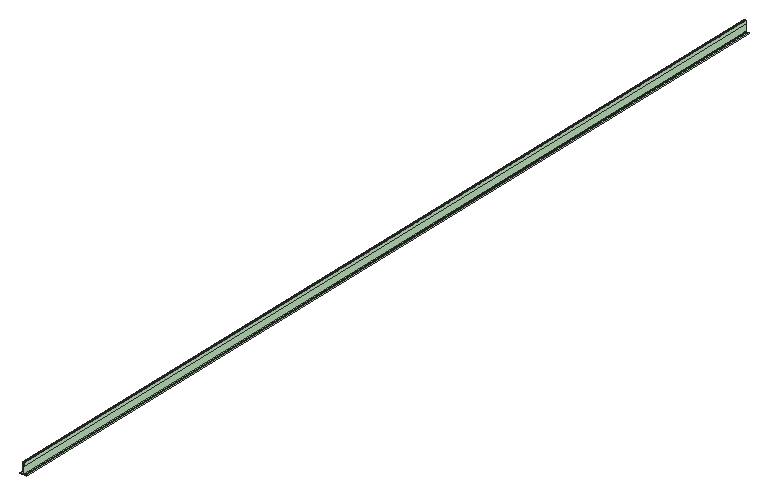
Revit family "アルミTバーeAT4025", category 機械設備, Revit 2020
Family settings
  丸型コネクタ寸法 = 直径を使用
  種別 = なし
  パーツ タイプ = 標準
  作業面ベース = いいえ
  常に垂直 = はい
  ロード時にボイドで切り取り = いいえ
  共有 = いいえ
  部屋計算ポイント = いいえ
Parameters
  製造元 = "株式会社桐井製作所"
  既定の高さ = 0 mm
  URL = "https://www.kirii.co.jp/"
  K_長さ(mm) [instance] = 3600 mm
  K_品名 = "アルミTバーeAT4025"
  K_名称 = "アルミTバー"
  K_入数 = "20"
  K_備考 = "定尺L=3200 、L=3600"
  K_バージョン情報 = "20220915"
Reference planes
  plane 1 "中心(正面/背面)": y = 0
  plane 2: z = 0
  plane 3 "中心(左/右)": x = 0
  plane 4: y = 3600
Forms (mm)
  Extrusion 1, solid
    sketch origin (0, 0, 7.1) x (-1, 0, 0) y (0, 0, 1)
      loop
        line (0.65, 26.1) -> (1.707, 26.1) -> (2.4, 25.7) -> (2.4, 24.9) -> (3.5, 24.9) -> (3.5, 34.9) -> (1.655, 34.9) -> (1.008, 34.43) -> (1.346, 33.705) -> (1.008, 32.98) -> (1.346, 32.255) -> (1.008, 31.53) -> (1.346, 30.805) -> (1.008, 30.08) -> (1.4, 29.4) -> (2.2, 29.4) -> (2.2, 28.6) -> (1, 27.4) -> (-1, 27.4) -> (-2.2, 28.6) -> (-2.2, 29.9) -> (-1.4, 29.9) -> (-0.834, 30.466) -> (-1.172, 31.191) -> (-0.834, 31.916) -> (-1.172, 32.641) -> (-0.834, 33.366) -> (-1.308, 34.017) -> (-0.839, 34.662) -> (-1.655, 34.9) -> (-3.5, 34.9) -> (-3.5, 24.9) -> (-2.4, 24.9) -> (-2.4, 25.7) -> (-1.707, 26.1) -> (-0.65, 26.1) -> (-0.65, -5.9) -> (-2.4, -5.9) -> (-2.4, -5.1) -> (-3.5, -5.1) -> (-3.5, -5.9) -> (-8.5, -5.9) -> (-8.5, -5.1) -> (-12.5, -5.1) -> (-12.5, -7.1) -> (12.5, -7.1) -> (12.5, -5.1) -> (8.5, -5.1) -> (8.5, -5.9) -> (3.5, -5.9) -> (3.5, -5.1) -> (2.4, -5.1) -> (2.4, -5.9) -> (0.65, -5.9) -> (0.65, 26.1)
    from 0 to 3600
Dimensions and locks
  plane 4 to plane 1 "中心(正面/背面)" = 3600 mm
  "K_長さ(mm)": plane 4 to plane 1 "中心(正面/背面)"
  aligned and locked: level to plane 2
  aligned and locked: plane 4 to Extrusion 1
  aligned and locked: Extrusion 1 to plane 4  (x2)
Automatic sketch dimensions
  Extrusion 1 sketch curve to level = 0 mm
  plane 3 "中心(左/右)" to Extrusion 1 sketch curve = 12.5 mm
  level to Extrusion 1 sketch curve = 1.2 mm  (x2)
  Extrusion 1 sketch curve to Extrusion 1 sketch curve = 4 mm  (x2)
  plane 3 "中心(左/右)" to Extrusion 1 sketch curve = 3.5 mm  (x2)
  Extrusion 1 sketch curve to Extrusion 1 sketch curve = 1.1 mm  (x3)
  plane 3 "中心(左/右)" to Extrusion 1 sketch curve = 2.2 mm
  Extrusion 1 sketch curve to Extrusion 1 sketch curve = 0.693 mm  (x2)
  plane 3 "中心(左/右)" to Extrusion 1 sketch curve = 1.655 mm
  Extrusion 1 sketch curve to Extrusion 1 sketch curve = 0.8 mm  (x7)
  Extrusion 1 sketch curve to Extrusion 1 sketch curve = 0.347 mm
  plane 3 "中心(左/右)" to Extrusion 1 sketch curve = 1.172 mm  (x2)
  plane 3 "中心(左/右)" to Extrusion 1 sketch curve = 1 mm
  Extrusion 1 sketch curve to Extrusion 1 sketch curve = 0.469 mm
  Extrusion 1 sketch curve to Extrusion 1 sketch curve = 0.338 mm  (x5)
  Extrusion 1 sketch curve to Extrusion 1 sketch curve = 0.566 mm  (x2)
  plane 3 "中心(左/右)" to Extrusion 1 sketch curve = 0.65 mm
  Extrusion 1 sketch curve to plane 3 "中心(左/右)" = 0.65 mm
  Extrusion 1 sketch curve to plane 3 "中心(左/右)" = 1 mm
  Extrusion 1 sketch curve to plane 3 "中心(左/右)" = 1.008 mm  (x4)
  Extrusion 1 sketch curve to Extrusion 1 sketch curve = 0.392 mm
  Extrusion 1 sketch curve to Extrusion 1 sketch curve = 0.647 mm
  Extrusion 1 sketch curve to Extrusion 1 sketch curve = 1.057 mm
  Extrusion 1 sketch curve to Extrusion 1 sketch curve = 1.75 mm
  Extrusion 1 sketch curve to Extrusion 1 sketch curve = 1.845 mm
  Extrusion 1 sketch curve to Extrusion 1 sketch curve = 5 mm
  Extrusion 1 sketch curve to Extrusion 1 sketch curve = 0 mm  (x4)
  level to Extrusion 1 sketch curve = 2 mm  (x2)
  Extrusion 1 sketch curve to Extrusion 1 sketch curve = 30 mm
  Extrusion 1 sketch curve to Extrusion 1 sketch curve = 0.4 mm
  Extrusion 1 sketch curve to Extrusion 1 sketch curve = 1.3 mm  (x2)
  Extrusion 1 sketch curve to Extrusion 1 sketch curve = 1.2 mm  (x2)
  Extrusion 1 sketch curve to Extrusion 1 sketch curve = 0.68 mm
  Extrusion 1 sketch curve to Extrusion 1 sketch curve = 0.725 mm  (x10)
  Extrusion 1 sketch curve to Extrusion 1 sketch curve = 0.651 mm
  Extrusion 1 sketch curve to Extrusion 1 sketch curve = 0.645 mm
  Extrusion 1 sketch curve to Extrusion 1 sketch curve = 0.238 mm
  Extrusion 1 sketch curve to Extrusion 1 sketch curve = 0.47 mm
